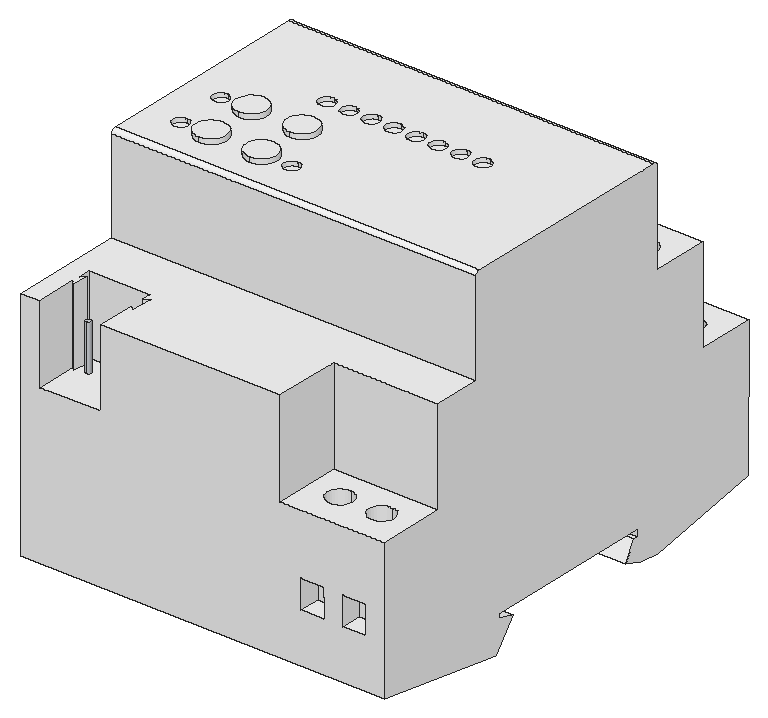
Revit family "Gira_216000", category Electrical Fixtures, host Face, Revit 2017
Family settings
  Host = Face
  Maintain Annotation Orientation = No
  Round Connector Dimension = Use Diameter
  Part Type = Normal
  Cut with Voids When Loaded = No
  Shared = No
  Room Calculation Point = No
Parameters (values of type "Shutter act. 4-g AC 230 V man.act. KNX DRA")
  With switch function = no
  Ventilschutzfunktion = no
  URL = "https://www.gira.de/"
  Type of voltage (input voltage) = ""
  Type Comments = ""
  Suitable for C-load = no
  Rated current [Ampere] = 0
  Output voltage [Volt] = ""
  Output current [Ampere] = ""
  Number of outputs = 0
  Number of inputs = 1
  Number of binary inputs = 0
  Model = ""
  Max. number of venetian-blind outputs = 4
  Max. number of switching contacts = 0
  Manufacturer = "Gira"
  Handschaltung = no
  Local operation/hand operation = yes
  Keynote = ""
  Input voltage [Volt] = ""
  HeinzeBIM = "https://www.heinze.de/bim/shutter-act-4-g-ac-230-v-man-act-knx-dra/e0d490d711951edfc0e10b13a19cc258dc9395b6"
  HAN = "216000"
  GTIN = "4010337101352"
  Description = "Blind act.4g AC 230V DRA KNX KNX shutter actuator, 4-gang AC 230 V with manual actuation,DRA plus Features: - Shutter actuator with manual actuation and status display for each output. - With integrated bus coupler. - For controlling electrically operated shutters for mains voltage of AC 230 V (4-channel). - Connection of various external conductors. - Independent control of the four shutter outputs. - Shutter position can be directly controlled. - Behaviour after bus voltage failure and recovery can be set. - Feedback of position. Active or passive (object can be read out) cyclical feedback functions. - Assignments of up to five different safety functions (three wind alarms, one rain alarm, one frost alarm) or optionally with cyclical monitoring. - Building site operation: Outputs can be operated manually without bus voltage with operating voltage only.,Notes : - VDE approval in accordance with EN 60669-1, EN 60669-2-1. - Installation on DIN top-hat rail."
  Default Elevation = 1219.2 mm
  Cost = 0
  Stellgröße schaltend = no
  Stellgröße stetig = no
  Bus connection included = yes
  BIMSITE_PRODUCT_ID = "e0d490d711951edfc0e10b13a19cc258dc9395b6"
  BIM = "https://media.live.bim.site/t/eyJhbGciOiJIUzI1NiIsInR5cCI6IkpXVCJ9.eyJjdCI6MSwidGYiOiJwdWJsaWMvZ2lyYS8wOWY1ZGI1L1JFRyA4Zi5yZmEiLCJjaWQiOiJmZWQ5OGU5YS0xYmQ4LTRjNjgtYTczYi03NGE5NGUzMTU4MjMiLCJyaWQiOiIxMWNjYWFkYzEzNmZhMmUzYzY4NmZiYzUxM2FmN2VlMyIsInBpZCI6ImUwZDQ5MGQ3MTE5NTFlZGZjMGUxMGIxM2ExOWNjMjU4ZGM5Mzk1YjYiLCJzaWQiOiI2MzQ3MCIsInV0Ijo1LCJsYyI6ImVuIiwiaWF0IjoxNjA3NDM3NDQxLCJpc3MiOiJodHRwczovL2FwaS5saXZlLmJpbS5zaXRlIiwic3ViIjoiOGQzYWE1Y2ItZTA2Ni00NTk4LWJlMTYtNmUxNmVlNzQ5NTZhIn0.9688jGUHl49-Oh3YldmSsCAaKZZMbdAdqc32BPP2hnI/REG 8f.rfa"
  Assembly Code = ""
Reference planes
  plane 1 "Center (Front/Back)": y = 0
  plane 2: z = 0
  plane 3 "Center (Left/Right)": x = 0
Forms (mm)
  Extrusion 1, solid, material "White", detail levels fine
    sketch origin (0, 0, 0) x (0, 1, 0) y (0, 0, 1)
      loop
        line (45.125, -2.619) -> (45.125, 24.95) -> (33.875, 24.95) -> (33.875, 43.8) -> (22.575, 43.8) -> (22.575, 62.05)
        arc (22.575, 62.05) -> (22.311, 62.686) -> (21.675, 62.95) r 0.9
        line (21.675, 62.95) -> (-21.175, 62.95)
        arc (-21.175, 62.95) -> (-21.785, 62.758) -> (-22.175, 62.25) r 1.064
        line (-22.175, 62.25) -> (-22.175, 43.8) -> (-44.725, 43.8) -> (-44.725, -2.619)
        arc (-44.725, -2.619) -> (-31.081, -5.433) -> (-17.243, -7.049) r 160
        line (-17.243, -7.049) -> (-13.165, -1.734) -> (-16.399, -0.807) -> (-16.399, 0) -> (17.8, 0) -> (17.8, -1.4) -> (16.8, -1.4) -> (14.749, -4.952)
        arc (14.749, -4.952) -> (18.64, -6.184) -> (22.7, -6.6) r 20
        arc (22.7, -6.6) -> (33.983, -5.009) -> (45.125, -2.619) r 160
    from -36 to 36
  Extrusion 2, void, detail levels fine
    sketch origin (0, 0, 0) x (1, 0, 0) y (0, 1, 0)
      loop
        circle (30, 26.925) r 2.55
      loop
        circle (21.75, 26.925) r 2.55
      loop
        circle (12.75, 26.925) r 2.55
      loop
        circle (4.5, 26.925) r 2.55
      loop
        circle (-4.5, 26.925) r 2.55
      loop
        circle (-12.75, 26.925) r 2.55
      loop
        circle (-21.75, 26.925) r 2.55
      loop
        circle (-30, 26.925) r 2.55
    from 37.936 to 43.8
  Extrusion 3, void, detail levels fine
    sketch origin (0, 11.25, -18.85) x (1, 0, 0) y (0, 1, 0)
      loop
        circle (30, 26.925) r 2.55
      loop
        circle (21.75, 26.925) r 2.55
      loop
        circle (12.75, 26.925) r 2.55
      loop
        circle (4.5, 26.925) r 2.55
      loop
        circle (-4.5, 26.925) r 2.55
      loop
        circle (-12.75, 26.925) r 2.55
      loop
        circle (-21.75, 26.925) r 2.55
      loop
        circle (-30, 26.925) r 2.55
    from 37.936 to 43.8
  Extrusion 4, void, detail levels fine
    sketch origin (0, 0, 0) x (1, 0, 0) y (0, 1, 0)
      loop
        circle (-13, -3.875) r 3
      loop
        circle (-23, -3.875) r 3
      loop
        circle (-23, -13.875) r 3
      loop
        circle (-13, -13.875) r 3
      loop
        circle (-29, -3.875) r 1.575
      loop
        circle (-29, -13.875) r 1.575
      loop
        circle (-7, -13.875) r 1.575
      loop
        circle (-15.4, 5.325) r 1.625
      loop
        circle (-11, 5.325) r 1.575
      loop
        circle (-6.6, 5.325) r 1.625
      loop
        circle (-2.2, 5.325) r 1.625
      loop
        circle (2.2, 5.325) r 1.625
      loop
        circle (6.6, 5.325) r 1.625
      loop
        circle (11, 5.325) r 1.575
      loop
        circle (15.4, 5.325) r 1.625
    from 58.253 to 62.95
  Extrusion 5, void, detail levels fine
    sketch origin (0, 0, 0) x (1, 0, 0) y (0, 1, 0)
      loop
        line (-32.175, -32.6) -> (-32.175, -34.9) -> (-31.24, -34.36) -> (-31.401, -37.165) -> (-32.175, -36.7) -> (-32.175, -44.875) -> (-20.175, -44.875) -> (-20.175, -37.33) -> (-19.075, -37.965) -> (-19.075, -33.635) -> (-20.175, -34.27) -> (-20.175, -32.6) -> (-32.175, -32.6)
    from 28.5 to 43.8
  Extrusion 6, solid, detail levels fine
    sketch origin (0, 0, 0) x (1, 0, 0) y (0, 1, 0)
      loop
        circle (-29.375, -36.2) r 0.5
      loop
        circle (-23.575, -36.2) r 0.5
    from 28.5 to 37.5
  Extrusion 7, void, detail levels fine
    sketch origin (0, 0, 0) x (1, 0, 0) y (0, 1, 0)
      loop
        line (15.289, -31.489) -> (15.289, -44.875) -> (36, -44.875) -> (36, -31.489) -> (15.289, -31.489)
    from 25 to 43.8
  Extrusion 8, void, detail levels fine
    sketch origin (0, 0, 0) x (1, 0, 0) y (0, 1, 0)
      loop
        circle (21.75, -37.925) r 2.55
      loop
        circle (30, -37.925) r 2.55
    from 19.086 to 24.95
  Extrusion 9, void, detail levels fine
    sketch origin (0, 0, 0) x (1, 0, 0) y (0, 0, 1)
      loop
        line (32.368, 26.75) -> (32.35, 28.865) -> (32.319, 32.45) -> (27.731, 32.45) -> (27.682, 26.75) -> (32.368, 26.75)
      loop
        line (24.118, 26.75) -> (24.1, 28.865) -> (24.069, 32.45) -> (19.481, 32.45) -> (19.432, 26.75) -> (24.118, 26.75)
      loop
        line (15.118, 26.75) -> (15.1, 28.865) -> (15.069, 32.45) -> (10.481, 32.45) -> (10.432, 26.75) -> (15.118, 26.75)
      loop
        line (6.868, 26.75) -> (6.85, 28.865) -> (6.819, 32.45) -> (2.231, 32.45) -> (2.182, 26.75) -> (6.868, 26.75)
      loop
        line (-2.182, 26.75) -> (-2.2, 28.865) -> (-2.231, 32.45) -> (-6.819, 32.45) -> (-6.868, 26.75) -> (-2.182, 26.75)
      loop
        line (-10.432, 26.75) -> (-10.45, 28.865) -> (-10.481, 32.45) -> (-15.069, 32.45) -> (-15.118, 26.75) -> (-10.432, 26.75)
      loop
        line (-19.35, 26.75) -> (-19.369, 28.865) -> (-19.4, 32.45) -> (-23.987, 32.45) -> (-24.037, 26.75) -> (-19.35, 26.75)
      loop
        line (-27.682, 26.75) -> (-27.7, 28.865) -> (-27.731, 32.45) -> (-32.319, 32.45) -> (-32.368, 26.75) -> (-27.682, 26.75)
    from -29.206 to -33.875
  Extrusion 10, void, detail levels fine
    sketch origin (0, 11.25, -19.567) x (1, 0, 0) y (0, 0, 1)
      loop
        line (32.368, 26.75) -> (32.35, 28.865) -> (32.319, 32.45) -> (27.731, 32.45) -> (27.682, 26.75) -> (32.368, 26.75)
      loop
        line (24.118, 26.75) -> (24.1, 28.865) -> (24.069, 32.45) -> (19.481, 32.45) -> (19.432, 26.75) -> (24.118, 26.75)
      loop
        line (15.118, 26.75) -> (15.1, 28.865) -> (15.069, 32.45) -> (10.481, 32.45) -> (10.432, 26.75) -> (15.118, 26.75)
      loop
        line (6.868, 26.75) -> (6.85, 28.865) -> (6.819, 32.45) -> (2.231, 32.45) -> (2.182, 26.75) -> (6.868, 26.75)
      loop
        line (-2.182, 26.75) -> (-2.2, 28.865) -> (-2.231, 32.45) -> (-6.819, 32.45) -> (-6.868, 26.75) -> (-2.182, 26.75)
      loop
        line (-10.432, 26.75) -> (-10.45, 28.865) -> (-10.481, 32.45) -> (-15.069, 32.45) -> (-15.118, 26.75) -> (-10.432, 26.75)
      loop
        line (-19.35, 26.75) -> (-19.369, 28.865) -> (-19.4, 32.45) -> (-23.987, 32.45) -> (-24.037, 26.75) -> (-19.35, 26.75)
      loop
        line (-27.682, 26.75) -> (-27.7, 28.865) -> (-27.731, 32.45) -> (-32.319, 32.45) -> (-32.368, 26.75) -> (-27.682, 26.75)
    from -29.206 to -33.875
  Extrusion 11, void, detail levels fine
    sketch origin (0, 0, 0) x (1, 0, 0) y (0, 0, 1)
      loop
        line (32.319, 12.883) -> (27.731, 12.883) -> (27.682, 7.183) -> (32.368, 7.183) -> (32.35, 9.298) -> (32.319, 12.883)
      loop
        line (24.069, 12.883) -> (19.481, 12.883) -> (19.432, 7.183) -> (24.118, 7.183) -> (24.1, 9.298) -> (24.069, 12.883)
    from 40.588 to 44.725
  Extrusion 12, solid, material "White", detail levels fine
    sketch origin (0, 0, 0) x (1, 0, 0) y (0, 1, 0)
      loop
        circle (-15.4, 5.325) r 1.625
      loop
        circle (-11, 5.325) r 1.575
      loop
        circle (-6.6, 5.325) r 1.625
      loop
        circle (-2.2, 5.325) r 1.625
      loop
        circle (2.2, 5.325) r 1.625
      loop
        circle (6.6, 5.325) r 1.625
      loop
        circle (11, 5.325) r 1.575
      loop
        circle (15.4, 5.325) r 1.625
      loop
        circle (-29, -3.875) r 1.575
      loop
        circle (-29, -13.875) r 1.575
      loop
        circle (-7, -13.875) r 1.575
    from 58.253 to 62.25
  Extrusion 13, solid, material "White", detail levels fine
    sketch origin (0, 0, 0) x (1, 0, 0) y (0, 1, 0)
      loop
        circle (-23, -3.875) r 3
      loop
        circle (-13, -3.875) r 3
      loop
        circle (-23, -13.875) r 3
      loop
        circle (-13, -13.875) r 3
    from 58.253 to 63.841
  Extrusion 14, solid, material "White", detail levels medium
    sketch origin (0, 0, 0) x (0, 1, 0) y (0, 0, 1)
      loop
        line (45.125, -7.049) -> (45.125, 24.95) -> (33.875, 24.95) -> (33.875, 43.8) -> (22.575, 43.8) -> (22.575, 63.841) -> (-22.175, 63.841) -> (-22.175, 43.8) -> (-44.725, 43.8) -> (-44.725, -7.049) -> (45.125, -7.049)
    from -36 to 36
  Extrusion 15, solid, material "White", detail levels coarse
    sketch origin (0, 0, 0) x (0, 1, 0) y (0, 0, 1)
      loop
        line (45.125, -7.049) -> (45.125, 63.841) -> (-44.725, 63.841) -> (-44.725, -7.049) -> (45.125, -7.049)
    from -36 to 36
Cuts and joins
  Extrusion 2, Extrusion 3, Extrusion 4, Extrusion 5, Extrusion 7, Extrusion 8, Extrusion 9, Extrusion 10, Extrusion 11 cuts Extrusion 1
Dimensions and locks
  aligned and locked: plane 2 to host face
  aligned and locked: level to host face
